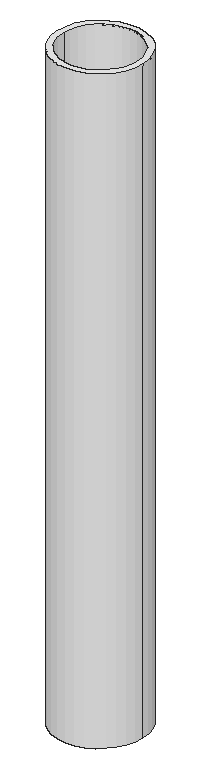
Revit family "NLRS_28_SC_CHS", category Structural Columns, Revit 2020
Family settings
  Section Shape = Not Defined
  Material for Model Behavior = Steel
  Always export as geometry = No
  Beam cutback in plan = From geometry
  OmniClass Number = 23.25.30.11.14.11
  OmniClass Title = Columns
  Cut with Voids When Loaded = No
  Symbolic Representation = From Project Settings
  Shared = No
  Show family pre-cut in plan views = Yes
Parameters (values of type "B355.6/25")
  W = 0
  Structural Material [instance] = h3_Steel, 45-345
  Assembly Code = "2B(28.10)"
  D = 355.6 mm
  Ix = 35680
  M = 204
  Zx = 2007
  t = 25 mm
  A = 0.026 m²
Types (118, lengths in mm): name | D | Ix | M | Zx | t | A
  B355.6/25 | 355.6 | 35680 | 204 | 2007 | 25 | 0.026 m²
  B355.6/20 | 355.6 | 29790 | 166 | 1676 | 20 | 0.0211 m²
  B355.6/16 | 355.6 | 24660 | 134 | 1387 | 16 | 0.0171 m²
  B355.6/12.5 | 355.6 | 19850 | 106 | 1117 | 12.5 | 0.0135 m²
  B355.6/12 | 355.6 | 19140 | 102 | 1076 | 12 | 0.013 m²
  B355.6/10 | 355.6 | 16220 | 85.2 | 912 | 10 | 0.0109 m²
  B355.6/8 | 355.6 | 13200 | 68.6 | 742 | 8 | 0.00874 m²
  B355.6/6.3 | 355.6 | 10550 | 54.3 | 593 | 6.3 | 0.00691 m²
  B323.9/25 | 323.9 | 26400 | 184 | 1630 | 25 | 0.0235 m²
  B323.9/20 | 323.9 | 22140 | 150 | 1367 | 20 | 0.0191 m²
  B323.9/16 | 323.9 | 18390 | 121 | 1136 | 16 | 0.0155 m²
  B323.9/12.5 | 323.9 | 14850 | 96 | 917 | 12.5 | 0.0122 m²
  B323.9/12 | 323.9 | 14320 | 92.3 | 884 | 12 | 0.0118 m²
  B323.9/10 | 323.9 | 12160 | 77.4 | 751 | 10 | 0.00986 m²
  B323.9/8 | 323.9 | 9910 | 62.3 | 612 | 8 | 0.00794 m²
  B323.9/6.3 | 323.9 | 7929 | 49.3 | 490 | 6.3 | 0.00629 m²
  B323.9/6 | 323.9 | 7572 | 47 | 468 | 6 | 0.00599 m²
  B323.9/5 | 323.9 | 6369 | 39.3 | 393 | 5 | 0.00501 m²
  B273/25 | 273 | 15130 | 153 | 1108 | 25 | 0.0195 m²
  B273/20 | 273 | 12800 | 125 | 938 | 20 | 0.0159 m²
  B273/16 | 273 | 10710 | 101 | 784 | 16 | 0.0129 m²
  B273/12.5 | 273 | 8697 | 80.3 | 637 | 12.5 | 0.0102 m²
  B273/12 | 273 | 8396 | 77.2 | 615 | 12 | 0.00984 m²
  B273/10 | 273 | 7154 | 64.9 | 524 | 10 | 0.00826 m²
  B273/8 | 273 | 5852 | 52.3 | 429 | 8 | 0.00666 m²
  B273/6.3 | 273 | 4696 | 41.4 | 344 | 6.3 | 0.00528 m²
  B273/6 | 273 | 4487 | 39.5 | 329 | 6 | 0.00503 m²
  B273/5 | 273 | 3781 | 33 | 277 | 5 | 0.00421 m²
  B244.5/25 | 244.5 | 10520 | 135 | 860 | 25 | 0.0172 m²
  B244.5/20 | 244.5 | 8957 | 111 | 733 | 20 | 0.0141 m²
  B244.5/16 | 244.5 | 7533 | 90.2 | 616 | 16 | 0.0115 m²
  B244.5/12.5 | 244.5 | 6147 | 71.5 | 503 | 12.5 | 0.00911 m²
  B244.5/12 | 244.5 | 5938 | 68.8 | 486 | 12 | 0.00877 m²
  B244.5/10 | 244.5 | 5073 | 57.8 | 415 | 10 | 0.00737 m²
  B244.5/8 | 244.5 | 4160 | 46.7 | 340 | 8 | 0.00594 m²
  B244.5/6.3 | 244.5 | 3346 | 37 | 274 | 6.3 | 0.00471 m²
  B244.5/6 | 244.5 | 3199 | 35.3 | 262 | 6 | 0.0045 m²
  B244.5/5 | 244.5 | 2699 | 29.5 | 221 | 5 | 0.00376 m²
  B219.1/20 | 219.1 | 6261 | 98.2 | 572 | 20 | 0.0125 m²
  B219.1/16 | 219.1 | 5297 | 80.1 | 483 | 16 | 0.0102 m²
  B219.1/12.5 | 219.1 | 4345 | 63.7 | 397 | 12.5 | 0.00811 m²
  B219.1/12 | 219.1 | 4200 | 61.3 | 383 | 12 | 0.00781 m²
  B219.1/10 | 219.1 | 3598 | 51.6 | 328 | 10 | 0.00657 m²
  B219.1/8 | 219.1 | 2960 | 41.6 | 270 | 8 | 0.00531 m²
  B219.1/6.3 | 219.1 | 2386 | 33.1 | 218 | 6.3 | 0.00421 m²
  B219.1/6 | 219.1 | 2282 | 31.5 | 208 | 6 | 0.00402 m²
  B219.1/5 | 219.1 | 1928 | 26.4 | 176 | 5 | 0.00336 m²
  B193.7/16 | 193.7 | 3554 | 70.1 | 367 | 16 | 0.00893 m²
  B193.7/12.5 | 193.7 | 2934 | 55.9 | 303 | 12.5 | 0.00712 m²
  B193.7/12 | 193.7 | 2839 | 53.8 | 293 | 12 | 0.00685 m²
  B193.7/10 | 193.7 | 2442 | 45.3 | 252 | 10 | 0.00577 m²
  B193.7/8 | 193.7 | 2016 | 36.6 | 208 | 8 | 0.00467 m²
  B193.7/6.3 | 193.7 | 1630 | 29.1 | 168 | 6.3 | 0.00371 m²
  B193.7/6 | 193.7 | 1560 | 27.8 | 161 | 6 | 0.00354 m²
  B193.7/5 | 193.7 | 1320 | 23.3 | 136 | 5 | 0.00296 m²
  B168.3/12.5 | 168.3 | 1868 | 48 | 222 | 12.5 | 0.00612 m²
  B168.3/12 | 168.3 | 1810 | 46.3 | 215 | 12 | 0.00589 m²
  B168.3/10 | 168.3 | 1564 | 39 | 186 | 10 | 0.00497 m²
  B168.3/8 | 168.3 | 1297 | 31.6 | 154 | 8 | 0.00403 m²
  B168.3/6.3 | 168.3 | 1053 | 25.2 | 125 | 6.3 | 0.00321 m²
  B168.3/6 | 168.3 | 1009 | 24 | 120 | 6 | 0.00306 m²
  B168.3/5 | 168.3 | 856 | 20.1 | 102 | 5 | 0.00257 m²
  B168.3/4 | 168.3 | 697 | 16.2 | 82.8 | 4 | 0.00206 m²
  B168.3/3.6 | 168.3 | 632 | 14.6 | 75.1 | 3.6 | 0.00186 m²
  B168.3/3.2 | 168.3 | 566 | 13 | 67.2 | 3.2 | 0.00166 m²
  B139.7/10 | 139.7 | 862 | 32 | 123 | 10 | 0.00407 m²
  B139.7/8 | 139.7 | 720 | 26 | 103 | 8 | 0.00331 m²
  B139.7/6.3 | 139.7 | 589 | 20.7 | 84.3 | 6.3 | 0.00264 m²
  B139.7/6 | 139.7 | 564 | 19.8 | 80.8 | 6 | 0.00252 m²
  B139.7/5 | 139.7 | 481 | 16.6 | 68.8 | 5 | 0.00212 m²
  B139.7/4 | 139.7 | 393 | 13.4 | 56.2 | 4 | 0.00171 m²
  B139.7/3.6 | 139.7 | 357 | 12.1 | 51.1 | 3.6 | 0.00154 m²
  B139.7/3.2 | 139.7 | 320 | 10.8 | 45.8 | 3.2 | 0.00137 m²
  B114.3/6.3 | 114.3 | 313 | 16.8 | 54.7 | 6.3 | 0.00214 m²
  B114.3/6 | 114.3 | 300 | 16 | 52.5 | 6 | 0.00204 m²
  B114.3/5 | 114.3 | 257 | 13.5 | 45 | 5 | 0.00172 m²
  B114.3/4 | 114.3 | 211 | 10.9 | 36.9 | 4 | 0.00139 m²
  B114.3/3.6 | 114.3 | 192 | 9.83 | 33.6 | 3.6 | 0.00125 m²
  B114.3/3.2 | 114.3 | 172 | 8.77 | 30.2 | 3.2 | 0.00112 m²
  B114.3/3 | 114.3 | 163 | 8.23 | 28.4 | 3 | 0.00105 m²
  B88.9/6.3 | 88.9 | 140 | 12.8 | 31.5 | 6.3 | 0.00163 m²
  B88.9/6 | 88.9 | 135 | 12.3 | 30.4 | 6 | 0.00156 m²
  B88.9/5 | 88.9 | 116 | 10.3 | 26.2 | 5 | 0.00132 m²
  B88.9/4 | 88.9 | 96.3 | 8.38 | 21.7 | 4 | 0.00107 m²
  B88.9/3.6 | 88.9 | 87.9 | 7.57 | 19.8 | 3.6 | 0.000965 m²
  B88.9/3.2 | 88.9 | 79.2 | 6.76 | 17.8 | 3.2 | 0.000862 m²
  B88.9/3 | 88.9 | 74.8 | 6.36 | 16.8 | 3 | 0.00081 m²
  B88.9/2.5 | 88.9 | 63.4 | 5.33 | 14.3 | 2.5 | 0.000679 m²
  B76.1/6.3 | 76.1 | 84.8 | 10.8 | 22.3 | 6.3 | 0.00138 m²
  B76.1/6 | 76.1 | 81.8 | 10.4 | 21.5 | 6 | 0.00132 m²
  B76.1/5 | 76.1 | 70.9 | 8.77 | 18.6 | 5 | 0.00112 m²
  B76.1/4 | 76.1 | 59.1 | 7.11 | 15.5 | 4 | 0.000906 m²
  B76.1/3.6 | 76.1 | 54 | 6.44 | 14.2 | 3.6 | 0.00082 m²
  B76.1/3.2 | 76.1 | 48.8 | 5.75 | 12.8 | 3.2 | 0.000733 m²
  B76.1/3 | 76.1 | 46.1 | 5.41 | 12.1 | 3 | 0.000689 m²
  B76.1/2.5 | 76.1 | 39.2 | 4.54 | 10.3 | 2.5 | 0.000578 m²
  B60.3/5 | 60.3 | 33.5 | 6.82 | 11.1 | 5 | 0.000869 m²
  B60.3/4 | 60.3 | 28.2 | 5.55 | 9.34 | 4 | 0.000707 m²
  B60.3/3.6 | 60.3 | 25.9 | 5.03 | 8.58 | 3.6 | 0.000641 m²
  B60.3/3.2 | 60.3 | 23.5 | 4.51 | 7.78 | 3.2 | 0.000574 m²
  B60.3/3 | 60.3 | 22.2 | 4.24 | 7.37 | 3 | 0.00054 m²
  B60.3/2.5 | 60.3 | 19 | 3.56 | 6.3 | 2.5 | 0.000454 m²
  B48.3/5 | 48.3 | 16.2 | 5.34 | 6.69 | 5 | 0.00068 m²
  B48.3/4 | 48.3 | 13.8 | 4.37 | 5.7 | 4 | 0.000557 m²
  B48.3/3.6 | 48.3 | 12.7 | 3.97 | 5.26 | 3.6 | 0.000506 m²
  B48.3/3.2 | 48.3 | 11.6 | 3.56 | 4.8 | 3.2 | 0.000453 m²
  B48.3/3 | 48.3 | 11 | 3.35 | 4.55 | 3 | 0.000427 m²
  B48.3/2.5 | 48.3 | 9.46 | 2.82 | 3.92 | 2.5 | 0.00036 m²
  B42.4/4 | 42.4 | 8.99 | 3.79 | 4.24 | 4 | 0.000483 m²
  B42.4/3.6 | 42.4 | 8.33 | 3.44 | 3.93 | 3.6 | 0.000439 m²
  B42.4/3.2 | 42.4 | 7.62 | 3.09 | 3.59 | 3.2 | 0.000394 m²
  B42.4/3 | 42.4 | 7.25 | 2.91 | 3.42 | 3 | 0.000371 m²
  B33.7/4 | 33.7 | 4.19 | 2.93 | 2.49 | 4 | 0.000373 m²
  B33.7/3.6 | 33.7 | 3.91 | 2.67 | 2.32 | 3.6 | 0.00034 m²
  B33.7/3.2 | 33.7 | 3.6 | 2.41 | 2.14 | 3.2 | 0.000307 m²
  B33.7/3 | 33.7 | 3.44 | 2.27 | 2.04 | 3 | 0.000289 m²
  BB26.9/3.2 | 26.9 | 1.7 | 1.87 | 1.27 | 3.2 | 0.000238 m²
  BB21.3/3.2 | 21.3 | 0.768 | 1.43 | 0.722 | 3.2 | 0.000182 m²
Reference planes
  plane 1 "Center (Front/Back)": y = 0
  plane 2: z = 0
  plane 3 "Center (Left/Right)": x = 0
  plane 4: x = -177.8
  plane 5: x = 177.8
  plane 6: y = 177.8
  plane 7: y = -177.8
  plane 8: x = -152.8
  plane 9: x = 152.8
Forms (mm)
  Extrusion 1, solid, material "h3_Steel, 45-345" <- "Structural Material", detail levels medium+fine
    sketch origin (0, 0, 0) x (1, 0, 0) y (0, 1, 0)
      loop
        circle (0, 0) r 177.8
      loop
        circle (0, 0) r 152.8
    from 0 to 2500
Lines and regions (mm)
  symbolic lines, style "StructuralColumnStickSymbols", detail levels coarse
    curve 1: arc (-177.8, 0, 0) -> (0, -177.8, 0) -> (177.8, 0, 0) r 177.8
    curve 2: arc (177.8, 0, 0) -> (0, 177.8, 0) -> (-177.8, 0, 0) r 177.8
Dimensions and locks
  equal spacing: plane 4, plane 3 "Center (Left/Right)", plane 5
  equal spacing: plane 7, plane 1 "Center (Front/Back)", plane 6
  "D": plane 7 to plane 6
  "D": plane 4 to plane 5
  "t": plane 4 to plane 8
  "t": plane 9 to plane 5
  aligned and locked: level to Extrusion 1
  aligned and locked: level to plane 2
  aligned and locked: Extrusion 1 to plane 2
  aligned and locked: curve 1 to Extrusion 1
Automatic sketch dimensions
  Extrusion 1 sketch curve to plane 1 "Center (Front/Back)" = 0 mm  (x2)
  Extrusion 1 sketch curve to plane 4 = 0 mm
  Extrusion 1 sketch curve to plane 8 = 0 mm
  Extrusion 1 sketch curve to plane 3 "Center (Left/Right)" = 0 mm  (x2)
